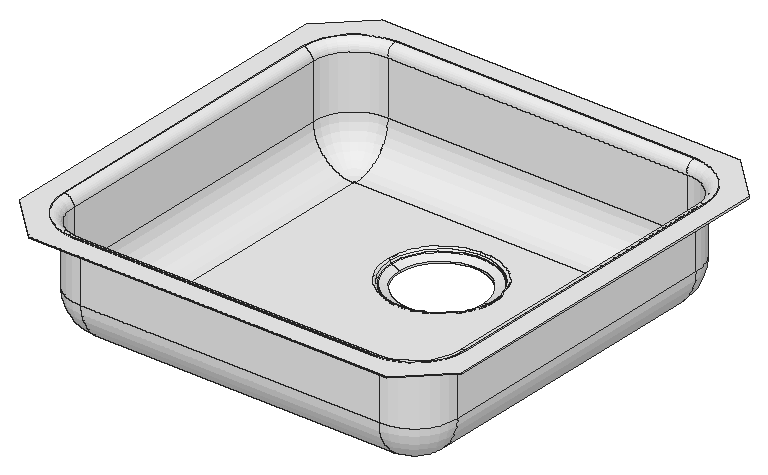
Revit family "ELUHAD161645", category Plumbing Fixtures, Revit 2019
Family settings
  Round Connector Dimension = Use Radius
  Part Type = Normal
  OmniClass Number = 23.45.05.14.14.27
  OmniClass Title = Service Sinks
  Work Plane-Based = No
  Always vertical = Yes
  Cut with Voids When Loaded = No
  Shared = No
  Room Calculation Point = No
Parameters (values of type "ELUHAD161645")
  URL = "www.elkayusa.com"
  Template Included = "Yes"
  Specification Sheet URL = ""
  Sound Deadening = "Bottom only pads"
  Sink Width = 1' - 6 1/2"
  Sink Material = Metal - Steel - Stainless - Chrome
  Sink Length = 1' - 6 1/2"
  Sink Ledge Sides Width = Sink Ledge Corner Width  # 0' - 1 1/4"
  Sink Ledge Front Width = Sink Ledge Corner Width  # 0' - 1 1/4"
  Sink Ledge Corner Width = 0' - 1 1/4"  # constant formula
  Sink Ledge Back Width = Sink Ledge Corner Width  # 0' - 1 1/4"
  Sink Dimensions = "18 1/2 inch x 18-1/2 inch x 4-3/8 inch"
  Sink Depth = 0' - 4 3/8"
  Sanitary Flow Rate = 10 GPM
  OmniClass Title = "Service Sinks"
  OmniClass Code = "23.45.05.14.14.27"
  Number of Bowls = "1"
  Nominal Radius = Nominal Dia / 2  # 0' - 0 3/4"
  Nominal Dia = 0' - 1 1/2"
  Mounting Hardware = "Undermount brackets sold separately"
  Model Number = ""
  Model = "Lustertone Undermount"
  Minimum Cabinet Size = "24 inch"
  Material = "304 Stainless Steel"
  MasterFormat Title = "Commercial Sinks"
  MasterFormat Number = "22.42.16.16"
  Manufacturer = "Elkay Manufacturing"
  Installation Type = "Undermount"
  Gauge = "18"
  Finish = "Lustrous Satin"
  Drain Size = "3-1/2 inch (89mm)"
  Drain Locations = "Rear Center"
  Drain Location = 0' - 5"
  Description = "Lustertone Single Bowl Sink"
  Deep Specification Sheet URL = ""
  Date Created = "10082021"  # constant formula
  Cutout Template # = "1000001420"
  CL Sink to CL Drain = 0' - 0"
  Bowl Width = (Sink Width - Sink Ledge Front Width - Sink Ledge Back Width)  # 1' - 4"
  Bowl Length = Sink Length - Sink Ledge Sides Width - Sink Ledge Sides Width  # 1' - 4"
  Bowl 1 Dimensions = "16 inch x 16 inch x 4-3/8 inch"
  Assembly Code = "D2010410"
Reference planes (in)
  plane 1 "CL Sink Hole": y = 3
  plane 2 "Top": z = 0
  plane 3 "Center (Left/Right)": x = 0
  plane 4 "Basin Edge Left": x = -8
  plane 5 "Basin Edge Right": x = 8
  plane 6 "Basin Edge Back": y = 8
  plane 7 "Basin Edge Front": y = -8
  plane 8 "Left": x = -9.25
  plane 9 "Right": x = 9.25
  plane 10 "Back": y = 9.25
  plane 11 "Front": y = -9.25
  plane 12 "Sink Angle Right": x = 6.78553
  plane 13 "Sink Angle Back": y = 6.78553
  plane 14 "Sink Angle Left": x = -6.78553
  plane 15 "Sink Angle Front": y = -6.78553
  plane 16 "Edge Radii Right": x = 8.42188
  plane 17 "Edge of Radii Left": x = -8.42187
  plane 18 "Sink Bowl Bottom (Top Face)": z = -4.375
  plane 19 "Sink Top Piece Bottom Face": z = -0.0625
  plane 20 "Top Radius Corner Prot": z = -0.42188
  plane 21: z = -2.6875
  plane 22 "Sink Bowl Bottom (Bottom Face)": z = -4.4375
  plane 23 "Left Sink Bottom Piece Left Edge": x = -6.3125
  plane 24 "Sink Bottom Piece Right Edge": x = 6.3125
  plane 25 "Sink Bottom Piece Back Edge": y = 6.3125
  plane 26 "Sink Bottom Piece Front Edge": y = -6.3125
  plane 27 "Center (Front/Back)": y = 0
  plane 28 "Bowl CL Drain": x = 0
  plane 29 "Edge Radii Front": y = -8.42188
  plane 30 "Right Sink Right Edge Radius": x = 6.25
  plane 31 "Front Edge Bottom Edge Radius": y = -6.25
  plane 32 "Back Edge Bottom Edge Radius": y = 6.25
  plane 33 "Edge Radii Back": y = 8.42187
  plane 34 "Left Bowl Bottom Edge Radius": x = -6.25
  plane 35 "Masking Region": z = 1.25157
  plane 36 "Sink Drain Elev Bottom": z = -5.875
  plane 37 "Sink Drain Elev Top": z = -5.625
  plane 38 "Top Radius Elev - 1-8": z = -0.10938
  plane 39 "Top Radius 1-8 Front": y = -8.10938
  plane 40 "Top Radius 1-8 Left": x = -8.10937
  plane 41 "Top Radius 1-8 Right": x = 8.10938
  plane 42 "Top Radius 1-8 Back": y = 8.10937
  plane 43 "Inside Radius Tangent Right": x = 6.97487
  plane 44 "Inside Radius Tangent Back": y = 6.97487
  plane 45 "Inside Radius Tangent Front": y = -6.97487
  plane 46 "Inside Radius Tangent Left": x = -6.97487
Forms (in)
  Extrusion 1, solid, material "Metal - Steel - Stainless - Chrome" <- "Sink Material"
    sketch origin (0, 0, 0) x (1, 0, 0) y (0, 1, 0)
      loop
        line (9.25, 7.49264) -> (7.49264, 9.25) -> (-7.49264, 9.25) -> (-9.25, 7.49264) -> (-9.25, -7.49264) -> (-7.49264, -9.25) -> (7.49264, -9.25) -> (9.25, -7.49264) -> (9.25, 7.49264)
      loop
        arc (-6.25, 8.42187) -> (-7.78575, 7.78575) -> (-8.42187, 6.25) r 2.17187
        line (-8.42187, 6.25) -> (-8.42188, -6.25)
        arc (-8.42188, -6.25) -> (-7.78575, -7.78575) -> (-6.25, -8.42188) r 2.17188
        line (-6.25, -8.42188) -> (6.25, -8.42188)
        arc (6.25, -8.42188) -> (7.78575, -7.78575) -> (8.42188, -6.25) r 2.17188
        line (8.42188, -6.25) -> (8.42188, 6.25)
        arc (8.42188, 6.25) -> (7.78575, 7.78575) -> (6.25, 8.42187) r 2.17188
        line (6.25, 8.42187) -> (-6.25, 8.42187)
    from -0.0625 to 0
  Extrusion 2, solid, material "Metal - Steel - Stainless - Chrome" <- "Sink Material"
    sketch origin (0, 0, 0) x (1, 0, 0) y (0, 1, 0)
      loop
        arc (-6.25, 6.3125) -> (-6.29419, 6.29419) -> (-6.3125, 6.25) r 0.0625
        line (-6.3125, 6.25) -> (-6.3125, -6.25)
        arc (-6.3125, -6.25) -> (-6.29419, -6.29419) -> (-6.25, -6.3125) r 0.0625
        line (-6.25, -6.3125) -> (6.25, -6.3125)
        arc (6.25, -6.3125) -> (6.29419, -6.29419) -> (6.3125, -6.25) r 0.0625
        line (6.3125, -6.25) -> (6.3125, 6.25)
        arc (6.3125, 6.25) -> (6.29419, 6.29419) -> (6.25, 6.3125) r 0.0625
        line (6.25, 6.3125) -> (-6.25, 6.3125)
      loop
        circle (0, 3) r 2.25
    from -4.4375 to -4.375
  Sweep 3, solid, material "Metal - Steel - Stainless - Chrome" <- "Sink Material"
    path origin (14.75, 0, -4.375) x (-1, 0, 0) y (0, -1, 0)
      loop
        circle (14.75, -3) r 2.25
    profile "profile-elkay-sink-hole-3 : profile-elkay-sink-hole-3" origin (0, 0.75, -4.375) x (0, 1, 0) y (0, 0, 1)
      loop
        line (0.5, -0.29111) -> (0.15646, -0.13437)
        arc (0.15646, -0.13437) -> (0.14249, -0.12559) -> (0.13131, -0.11346) r 0.0625
        line (0.13131, -0.11346) -> (0.08817, -0.05226)
        arc (0.08817, -0.05226) -> (0.05064, -0.01507) -> (0, 0) r 0.1086
        line (0, 0) -> (0, -0.04618)
        arc (0, -0.04618) -> (0.02621, -0.05419) -> (0.04646, -0.07265) r 0.0625
        line (0.04646, -0.07265) -> (0.09341, -0.13969)
        arc (0.09341, -0.13969) -> (0.11294, -0.16097) -> (0.13739, -0.17634) r 0.1086
        line (0.13739, -0.17634) -> (0.5, -0.34178) -> (0.5, -0.29111)
  Sweep 4, solid, material "Metal - Steel - Stainless - Chrome" <- "Sink Material"
    path origin (0, 0, 0) x (1, 0, 0) y (0, 1, 0)
      loop
        line (-6.25, -8) -> (6.25, -8)
        arc (6.25, -8) -> (7.48744, -7.48744) -> (8, -6.25) r 1.75
        line (8, -6.25) -> (8, 6.25)
        arc (8, 6.25) -> (7.48744, 7.48744) -> (6.25, 8) r 1.75
        line (6.25, 8) -> (-6.25, 8)
        arc (-6.25, 8) -> (-7.48744, 7.48744) -> (-8, 6.25) r 1.75
        line (-8, 6.25) -> (-8, -6.25)
        arc (-8, -6.25) -> (-7.48744, -7.48744) -> (-6.25, -8) r 1.75
    profile origin (0, -8, 0) x (0, 1, 0) y (0, 0, 1)
      loop
        arc (0, -0.42187) -> (-0.12356, -0.12356) -> (-0.42187, 0) r 0.42188
        line (-0.42187, 0) -> (-0.42187, -0.0625)
        arc (-0.42187, -0.0625) -> (-0.16776, -0.16776) -> (-0.0625, -0.42187) r 0.35938
        line (-0.0625, -0.42187) -> (-0.0625, -2.6875)
        arc (-0.0625, -2.6875) -> (0.45006, -3.92494) -> (1.6875, -4.4375) r 1.75
        line (1.6875, -4.4375) -> (1.6875, -4.375)
        arc (1.6875, -4.375) -> (0.49426, -3.88074) -> (0, -2.6875) r 1.6875
        line (0, -2.6875) -> (0, -0.42187)
  Extrusion 5, solid, material "Glass", not visible
    sketch origin (0, 0, -5.625) x (0, -1, 0) y (1, 0, 0)
      loop
        circle (-3, 0) r 0.75
    from -0.25 to 0
Cuts and joins
  joined: Extrusion 2, Sweep 3, Sweep 4
Lines and regions (in)
  Masking region 1
    outline origin (0, 0, 0) x (1, 0, 0) y (0, 1, 0)
      loop
        line (-8.42187, 6.25) -> (-8.42188, -6.25)
        arc (-8.42188, -6.25) -> (-7.78575, -7.78575) -> (-6.25, -8.42188) r 2.17188
        line (-6.25, -8.42188) -> (6.25, -8.42188)
        arc (6.25, -8.42188) -> (7.78575, -7.78575) -> (8.42188, -6.25) r 2.17188
        line (8.42188, -6.25) -> (8.42188, 6.25)
        arc (8.42188, 6.25) -> (7.78575, 7.78575) -> (6.25, 8.42187) r 2.17188
        line (6.25, 8.42187) -> (-6.25, 8.42187)
        arc (-6.25, 8.42187) -> (-7.78575, 7.78575) -> (-8.42187, 6.25) r 2.17187
  reference lines, not visible
    curve 1: arc (-0.625, 3, -2.6875) -> (-1.11926, 3, -3.88074) -> (-2.3125, 3, -4.375) r 1.6875
    curve 2: arc (-8, 3, -2.6875) -> (-7.50574, 3, -3.88074) -> (-6.3125, 3, -4.375) r 1.6875
    curve 3: arc (-0.625, 3, -0.42188) -> (-0.50144, 3, -0.12356) -> (-0.20313, 3, 0) r 0.42188
    curve 4: arc (0, -6.3125, -4.375) -> (0, -7.50574, -3.88074) -> (0, -8, -2.6875) r 1.6875
    curve 5: arc (0, -8, -0.42188) -> (0, -8.12356, -0.12356) -> (0, -8.42188, 0) r 0.42188
    curve 6: arc (6.3125, 6.25, 0) -> (6.29419, 6.29419, 0) -> (6.25, 6.3125, 0) r 0.0625
    curve 7: arc (6.3125, -6.25, 0) -> (6.29419, -6.29419, 0) -> (6.25, -6.3125, 0) r 0.0625
    curve 8: arc (8, 6.25, 1.25157) -> (7.48744, 7.48744, 1.25157) -> (6.25, 8, 1.25157) r 1.75
    curve 9: arc (8, -6.25, 1.25157) -> (7.48744, -7.48744, 1.25157) -> (6.25, -8, 1.25157) r 1.75
    curve 12: arc (-6.25, -6.3125, 0) -> (-6.29419, -6.29419, 0) -> (-6.3125, -6.25, 0) r 0.0625
    curve 13: arc (-6.25, 6.3125, 0) -> (-6.29419, 6.29419, 0) -> (-6.3125, 6.25, 0) r 0.0625
    curve 16: arc (-7.442, 7.53126, 1.25157) -> (-7.85445, 6.94875, 1.25157) -> (-8, 6.25, 1.25157) r 1.75
    curve 17: arc (-8, -6.25, 1.25157) -> (-7.48744, -7.48744, 1.25157) -> (-6.25, -8, 1.25157) r 1.75
    curve 18: circle (0, 3, -5.875) r 0.75 normal (0, 0, 1)
    curve 20: circle (0, 3, -4.375) r 1.75 normal (0, 0, 1)
    curve 29: arc (-6.25, 9.125, 1.25157) -> (-8.28293, 8.28293, 1.25157) -> (-9.125, 6.25, 1.25157) r 2.875
    curve 30: arc (8.75, 6.25, 1.25157) -> (8.01777, 8.01777, 1.25157) -> (6.25, 8.75, 1.25157) r 2.5
    curve 31: line (-6.97487, 8, 0) -> (-8, 6.97487, 0)
    curve 32: line (6.97487, 8, 0) -> (8, 6.97487, 0)
    curve 33: line (7.09745, 9.64519, 0) -> (9.69376, 7.04888, 0)
    curve 34: line (8, -6.97487, 0) -> (6.97487, -8, 0)
    curve 35: line (9.66329, -7.07936, 0) -> (7.11612, -9.62652, 0)
    curve 36: line (-8, -6.97487, 0) -> (-6.97487, -8, 0)
    curve 37: line (-9.84102, -6.90163, 0) -> (-7.39647, -9.34617, 0)
    curve 38: line (-7.04997, 9.69267, 0) -> (-9.65098, 7.09166, 0)
  reference lines
    curve 10: arc (8.42188, 6.25, 0) -> (7.78575, 7.78575, 0) -> (6.25, 8.42187, 0) r 2.17188
    curve 11: arc (-6.25, -8.42188, 0) -> (-7.78575, -7.78575, 0) -> (-8.42188, -6.25, 0) r 2.17188
    curve 14: arc (-6.25, 8.42187, 0) -> (-7.78575, 7.78575, 0) -> (-8.42187, 6.25, 0) r 2.17187
    curve 15: arc (8.42188, -6.25, 0) -> (7.78575, -7.78575, 0) -> (6.25, -8.42188, 0) r 2.17188
    curve 19: circle (0, 3, -4.375) r 2.25 normal (0, 0, 1)
    curve 21: circle (0, 3, -4.375) r 2.25 normal (0, 0, 1)
    curve 24: arc (0, -8, -0.10938) -> (0, -8.03204, -0.03204) -> (0, -8.10938, 0) r 0.10938
    curve 25: arc (8.10938, 6.25, 0) -> (7.56478, 7.56478, 0) -> (6.25, 8.10937, 0) r 1.85938
    curve 26: arc (-6.25, 8.10937, 0) -> (-7.56478, 7.56478, 0) -> (-8.10937, 6.25, 0) r 1.85938
    curve 27: arc (-6.25, -8.10938, 0) -> (-7.56478, -7.56478, 0) -> (-8.10938, -6.25, 0) r 1.85938
    curve 28: arc (8.10938, -6.25, 0) -> (7.56478, -7.56478, 0) -> (6.25, -8.10938, 0) r 1.85938
  symbolic lines, style "Sinks"
    curve 22: circle (0, 3, -4.375) r 2.25 normal (0, 0, 1)
    curve 23: circle (0, 3, -4.375) r 1.75 normal (0, 0, 1)
    curve 39: line (-6.25, 8, 0) -> (6.25, 8, 0)
    curve 40: line (8, 6.25, 0) -> (8, -6.25, 0)
    curve 41: line (-6.25, -8, 0) -> (6.25, -8, 0)
    curve 42: line (-8, 6.25, 0) -> (-8, -6.25, 0)
    curve 43: arc (8, 6.25, 0) -> (7.48744, 7.48744, 0) -> (6.25, 8, 0) r 1.75
    curve 44: arc (-6.25, 8, 0) -> (-7.48744, 7.48744, 0) -> (-8, 6.25, 0) r 1.75
    curve 45: arc (-8, -6.25, 0) -> (-7.48744, -7.48744, 0) -> (-6.25, -8, 0) r 1.75
    curve 46: arc (8, -6.25, 0) -> (7.48744, -7.48744, 0) -> (6.25, -8, 0) r 1.75
Dimensions and locks (in)
  "Sink Ledge Sides Width": plane 8 "Left" to plane 4 "Basin Edge Left"
  "Sink Ledge Sides Width": plane 5 "Basin Edge Right" to plane 9 "Right"
  "Sink Length": plane 8 "Left" to plane 9 "Right"
  "Drain Location": plane 6 "Basin Edge Back" to plane 1 "CL Sink Hole"
  "Sink Ledge Back Width": plane 10 "Back" to plane 6 "Basin Edge Back"
  "Sink Ledge Front Width": plane 7 "Basin Edge Front" to plane 11 "Front"
  plane 12 "Sink Angle Right" to plane 9 "Right" = 0' - 2.46447"
  plane 10 "Back" to plane 13 "Sink Angle Back" = 0' - 2.46447"
  plane 8 "Left" to plane 14 "Sink Angle Left" = 0' - 2.46447"
  plane 15 "Sink Angle Front" to plane 11 "Front" = 0' - 2.46447"
  "Sink Width": plane 10 "Back" to plane 11 "Front"
  locked: plane 17 "Edge of Radii Left" to plane 4 "Basin Edge Left" at 0.42188
  locked: plane 26 "Sink Bottom Piece Front Edge" to plane 7 "Basin Edge Front" at 1.6875
  locked: plane 4 "Basin Edge Left" to plane 23 "Left Sink Bottom Piece Left Edge" at 1.6875
  locked: plane 24 "Sink Bottom Piece Right Edge" to plane 5 "Basin Edge Right" at 1.6875
  locked: plane 6 "Basin Edge Back" to plane 25 "Sink Bottom Piece Back Edge" at 1.6875
  locked: plane 5 "Basin Edge Right" to plane 16 "Edge Radii Right" at 0.42188
  equal spacing: plane 10 "Back", plane 27 "Center (Front/Back)", plane 11 "Front"
  equal spacing: plane 8 "Left", plane 3 "Center (Left/Right)", plane 9 "Right"
  "CL Sink to CL Drain": plane 3 "Center (Left/Right)" to plane 28 "Bowl CL Drain"
  locked: plane 30 "Right Sink Right Edge Radius" to plane 24 "Sink Bottom Piece Right Edge" at 0.0625
  locked: plane 31 "Front Edge Bottom Edge Radius" to plane 26 "Sink Bottom Piece Front Edge" at 0.0625
  locked: plane 25 "Sink Bottom Piece Back Edge" to plane 32 "Back Edge Bottom Edge Radius" at 0.0625
  locked: plane 33 "Edge Radii Back" to plane 6 "Basin Edge Back" at 0.42188
  locked: plane 7 "Basin Edge Front" to plane 29 "Edge Radii Front" at 0.42187
  locked: plane 23 "Left Sink Bottom Piece Left Edge" to plane 34 "Left Bowl Bottom Edge Radius" at 0.0625
  "Sink Depth": plane 2 "Top" to plane 18 "Sink Bowl Bottom (Top Face)"
  locked: plane 2 "Top" to plane 20 "Top Radius Corner Prot" at 0.42188
  locked: plane 2 "Top" to plane 19 "Sink Top Piece Bottom Face" at 0.0625
  locked: plane 21 to plane 18 "Sink Bowl Bottom (Top Face)" at 1.6875
  locked: plane 18 "Sink Bowl Bottom (Top Face)" to plane 22 "Sink Bowl Bottom (Bottom Face)" at 0.0625
  locked: plane 35 "Masking Region" to plane 2 "Top" at 1.25157
  locked: plane 18 "Sink Bowl Bottom (Top Face)" to plane 36 "Sink Drain Elev Bottom" at 1.5
  locked: plane 37 "Sink Drain Elev Top" to plane 36 "Sink Drain Elev Bottom" at 0.25
  locked: plane 39 "Top Radius 1-8 Front" to plane 7 "Basin Edge Front" at 0.10938
  locked: plane 2 "Top" to plane 38 "Top Radius Elev - 1-8" at 0.10938
  locked: plane 40 "Top Radius 1-8 Left" to plane 4 "Basin Edge Left" at 0.10938
  locked: plane 5 "Basin Edge Right" to plane 41 "Top Radius 1-8 Right" at 0.10938
  locked: plane 42 "Top Radius 1-8 Back" to plane 6 "Basin Edge Back" at 0.10938
  locked: plane 32 "Back Edge Bottom Edge Radius" to plane 44 "Inside Radius Tangent Back" at 0.72487
  locked: plane 30 "Right Sink Right Edge Radius" to plane 43 "Inside Radius Tangent Right" at 0.72487
  locked: plane 45 "Inside Radius Tangent Front" to plane 31 "Front Edge Bottom Edge Radius" at 0.72487
  locked: plane 46 "Inside Radius Tangent Left" to plane 34 "Left Bowl Bottom Edge Radius" at 0.72487
  "Sink Ledge Corner Width": curve 32 to curve 33
  "Sink Ledge Corner Width": curve 34 to curve 35
  "Sink Ledge Corner Width": curve 37 to curve 36
  "Sink Ledge Corner Width": curve 38 to curve 31
  plane 10 "Back" to plane 11 "Front" = 1' - 6 1/2"
  plane 8 "Left" to plane 9 "Right" = 1' - 6 1/2"
  plane 1 "CL Sink Hole" to curve 39 = 0' - 5"
  "Nominal Radius": radius of curve 18
  aligned: Extrusion 1 to plane 19 "Sink Top Piece Bottom Face"
  aligned: Extrusion 2 to plane 18 "Sink Bowl Bottom (Top Face)"
  aligned and locked: Extrusion 2 to plane 22 "Sink Bowl Bottom (Bottom Face)"
  aligned and locked: plane 18 "Sink Bowl Bottom (Top Face)" to Extrusion 2
  aligned and locked: Extrusion 2 sketch curve to curve 7
  aligned and locked: Extrusion 2 sketch curve to curve 6
  aligned and locked: Sweep 4 sketch curve to curve 8
  aligned and locked: Sweep 4 sketch curve to curve 9
  aligned and locked: Sweep 4 sketch curve to curve 4
  aligned and locked: Extrusion 1 sketch curve to plane 9 "Right"
  aligned and locked: Extrusion 1 sketch curve to plane 10 "Back"
  aligned and locked: Extrusion 1 sketch curve to plane 8 "Left"
  aligned and locked: Extrusion 1 sketch curve to plane 11 "Front"
  aligned and locked: plane 2 "Top" to Extrusion 1
  aligned and locked: Extrusion 1 to plane 19 "Sink Top Piece Bottom Face"
  aligned and locked: Extrusion 5 sketch curve to curve 18
  aligned and locked: Extrusion 5 to plane 36 "Sink Drain Elev Bottom"
  aligned and locked: plane 37 "Sink Drain Elev Top" to Extrusion 5
  aligned and locked: Sweep 4 sketch curve to curve 16
  aligned and locked: Sweep 4 sketch curve to curve 17
  aligned and locked: Extrusion 2 sketch curve to curve 13
  aligned and locked: Extrusion 2 sketch curve to curve 12
  aligned and locked: Sweep 3 sketch curve to curve 19
  aligned and locked: Extrusion 2 sketch curve to curve 19
  aligned and locked: curve 22 to curve 21
  aligned and locked: curve 23 to curve 20
  aligned and locked: curve 33 to Extrusion 1 sketch curve
  aligned and locked: curve 35 to Extrusion 1 sketch curve
  aligned and locked: curve 37 to Extrusion 1 sketch curve
  aligned and locked: curve 38 to Extrusion 1 sketch curve
  aligned and locked: Masking region 1 sketch curve to curve 10
  aligned and locked: Masking region 1 sketch curve to curve 14
  aligned and locked: Masking region 1 sketch curve to curve 11
  aligned and locked: Masking region 1 sketch curve to curve 15
  aligned and locked: curve 43 to curve 8
  aligned and locked: curve 44 to curve 16
  aligned and locked: curve 45 to curve 17
  aligned and locked: curve 46 to curve 9
  aligned and locked: Sweep 4 sketch curve to curve 5
  aligned and locked: Sweep 4 sketch curve to plane 29 "Edge Radii Front"
  aligned and locked: Extrusion 1 sketch curve to curve 14
  aligned and locked: Extrusion 1 sketch curve to curve 11
  aligned and locked: Extrusion 1 sketch curve to curve 15
  aligned and locked: Extrusion 1 sketch curve to curve 10
Automatic sketch dimensions
  curve 2 to plane 4 "Basin Edge Left" = 0' - 0"
  curve 2 to plane 21 = 0' - 0"
  curve 2 to plane 23 "Left Sink Bottom Piece Left Edge" = 0' - 0"
  curve 1 to plane 18 "Sink Bowl Bottom (Top Face)" = 0' - 0"
  curve 3 to plane 20 "Top Radius Corner Prot" = 0' - 0"
  curve 1 to plane 21 = 0' - 0"
  plane 1 "CL Sink Hole" to curve 18 = 0' - 0"
  curve 18 to plane 28 "Bowl CL Drain" = 0' - 0"
  curve 3 to level = 0' - 0"
  curve 1 to plane 3 "Center (Left/Right)" = 0' - 2 5/16"
  curve 3 to plane 3 "Center (Left/Right)" = 0' - 0 5/8"
  curve 19 to curve 20 = 0' - 0"  (x2)
  curve 19 to curve 21 = 0' - 0"  (x2)
  curve 20 to curve 21 = 0' - 0"  (x2)
  plane 1 "CL Sink Hole" to curve 20 = 0' - 0"
  curve 20 to plane 28 "Bowl CL Drain" = 0' - 0"
  curve 8 to plane 5 "Basin Edge Right" = 0' - 0"
  curve 16 to plane 4 "Basin Edge Left" = 0' - 0"
  curve 17 to plane 4 "Basin Edge Left" = 0' - 0"
  curve 9 to plane 5 "Basin Edge Right" = 0' - 0"
  curve 5 to level = 0' - 0"
  curve 5 to plane 29 "Edge Radii Front" = 0' - 0"
  curve 24 to plane 38 "Top Radius Elev - 1-8" = 0' - 0"
  curve 24 to plane 39 "Top Radius 1-8 Front" = 0' - 0"
  curve 5 to plane 7 "Basin Edge Front" = 0' - 0"
  curve 4 to plane 7 "Basin Edge Front" = 0' - 0"
  curve 24 to plane 7 "Basin Edge Front" = 0' - 0"
  curve 4 to plane 21 = 0' - 0"
  curve 4 to plane 26 "Sink Bottom Piece Front Edge" = 0' - 0"
  Sweep 4 sketch curve to Sweep 4 sketch curve = 0' - 0"  (x2)
  curve 8 to curve 30 = 0' - 0"  (x4)
  plane 5 "Basin Edge Right" to curve 30 = 0' - 0 3/4"
  curve 6 to curve 10 = 0' - 0"  (x2)
  curve 6 to curve 25 = 0' - 0"  (x2)
  curve 7 to curve 15 = 0' - 0"  (x2)
  curve 7 to curve 28 = 0' - 0"  (x2)
  curve 10 to curve 25 = 0' - 0"  (x2)
  curve 11 to curve 12 = 0' - 0"  (x2)
  curve 11 to curve 27 = 0' - 0"  (x2)
  curve 12 to curve 27 = 0' - 0"  (x2)
  curve 13 to curve 14 = 0' - 0"  (x2)
  curve 13 to curve 26 = 0' - 0"  (x2)
  curve 14 to curve 26 = 0' - 0"  (x2)
  curve 15 to curve 28 = 0' - 0"  (x2)
  curve 14 to plane 17 "Edge of Radii Left" = 0' - 0"
  curve 11 to plane 17 "Edge of Radii Left" = 0' - 0"
  plane 32 "Back Edge Bottom Edge Radius" to curve 26 = 0' - 0"
  curve 26 to plane 40 "Top Radius 1-8 Left" = 0' - 0"
  plane 31 "Front Edge Bottom Edge Radius" to curve 27 = 0' - 0"
  curve 27 to plane 40 "Top Radius 1-8 Left" = 0' - 0"
  curve 31 to plane 4 "Basin Edge Left" = 0' - 0"
  curve 36 to plane 4 "Basin Edge Left" = 0' - 0"
  curve 31 to plane 6 "Basin Edge Back" = 0' - 0"
  curve 31 to plane 46 "Inside Radius Tangent Left" = 0' - 0"
  curve 36 to plane 7 "Basin Edge Front" = 0' - 0"
  curve 36 to plane 46 "Inside Radius Tangent Left" = 0' - 0"
  curve 12 to plane 23 "Left Sink Bottom Piece Left Edge" = 0' - 0"
  curve 13 to plane 23 "Left Sink Bottom Piece Left Edge" = 0' - 0"
  curve 13 to plane 34 "Left Bowl Bottom Edge Radius" = 0' - 0"
  curve 12 to plane 26 "Sink Bottom Piece Front Edge" = 0' - 0"
  curve 25 to plane 30 "Right Sink Right Edge Radius" = 0' - 0"
  curve 15 to plane 29 "Edge Radii Front" = 0' - 0"
  curve 15 to plane 30 "Right Sink Right Edge Radius" = 0' - 0"
  curve 7 to plane 24 "Sink Bottom Piece Right Edge" = 0' - 0"
  curve 6 to plane 24 "Sink Bottom Piece Right Edge" = 0' - 0"
  curve 34 to plane 7 "Basin Edge Front" = 0' - 0"
  curve 34 to plane 43 "Inside Radius Tangent Right" = 0' - 0"
  curve 32 to plane 6 "Basin Edge Back" = 0' - 0"
  curve 32 to plane 43 "Inside Radius Tangent Right" = 0' - 0"
  curve 34 to plane 5 "Basin Edge Right" = 0' - 0"
  curve 32 to plane 5 "Basin Edge Right" = 0' - 0"
  plane 32 "Back Edge Bottom Edge Radius" to curve 25 = 0' - 0"
  curve 25 to plane 41 "Top Radius 1-8 Right" = 0' - 0"
  plane 31 "Front Edge Bottom Edge Radius" to curve 28 = 0' - 0"
  curve 28 to plane 41 "Top Radius 1-8 Right" = 0' - 0"
  curve 10 to plane 16 "Edge Radii Right" = 0' - 0"
  plane 45 "Inside Radius Tangent Front" to curve 34 = 0' - 0"
  plane 45 "Inside Radius Tangent Front" to curve 36 = 0' - 0"
  curve 32 to plane 44 "Inside Radius Tangent Back" = 0' - 0"
  curve 31 to plane 44 "Inside Radius Tangent Back" = 0' - 0"
  plane 44 "Inside Radius Tangent Back" to curve 38 = 0' - 0.11679"
  curve 37 to plane 45 "Inside Radius Tangent Front" = 0' - 0.07325"
  curve 37 to plane 11 "Front" = 0' - 0.09617"
  curve 38 to plane 46 "Inside Radius Tangent Left" = 0' - 0.0751"
  curve 33 to plane 43 "Inside Radius Tangent Right" = 0' - 0.12257"
  curve 35 to plane 43 "Inside Radius Tangent Right" = 0' - 0.14124"
  plane 45 "Inside Radius Tangent Front" to curve 35 = 0' - 0.10448"
  plane 44 "Inside Radius Tangent Back" to curve 33 = 0' - 0.074"
  curve 16 to curve 29 = 0' - 0"  (x2)
  plane 32 "Back Edge Bottom Edge Radius" to curve 16 = 0' - 0"
  curve 16 to plane 34 "Left Bowl Bottom Edge Radius" = 0' - 0"
  curve 16 to plane 46 "Inside Radius Tangent Left" = 0' - 0.46713"
  plane 8 "Left" to curve 29 = 0' - 0 1/8"
  plane 31 "Front Edge Bottom Edge Radius" to curve 17 = 0' - 0"
  curve 17 to plane 34 "Left Bowl Bottom Edge Radius" = 0' - 0"
  curve 9 to plane 7 "Basin Edge Front" = 0' - 0"
  curve 9 to plane 30 "Right Sink Right Edge Radius" = 0' - 0"
  curve 8 to plane 6 "Basin Edge Back" = 0' - 0"
  curve 8 to plane 30 "Right Sink Right Edge Radius" = 0' - 0"
  profile plane to Sweep 4 sketch curve = 0' - 0 1/16"
  radius of curve 19 = 0' - 2 1/4"
  radius of curve 20 = 0' - 1 3/4"
  radius of curve 21 = 0' - 2 1/4"
Connectors (in)
  piping at (0, 3, -5.625), diameter 1.5, driven by "Nominal Radius", driven by "Sanitary Flow Rate"
    settings: on Extrusion 5, index 2, connector inside diameter 1 1/2", connector length 0' - 0", flow factor 0, pipe flow 10 GPM, pressure drop 0.00 psi, fitting loss kfactor 0, connector angle 0.00°, fixture units 0, engagement length 0' - 0", angle of deflection 0.00°, flow configuration 1, flow direction 2, fitting loss method 0, system type 16, joint type 0, gender type 0, connector reference index -1, connector utility 0, adjustable connector yes, is connector primary yes, connector description "Sink Drain Right"
